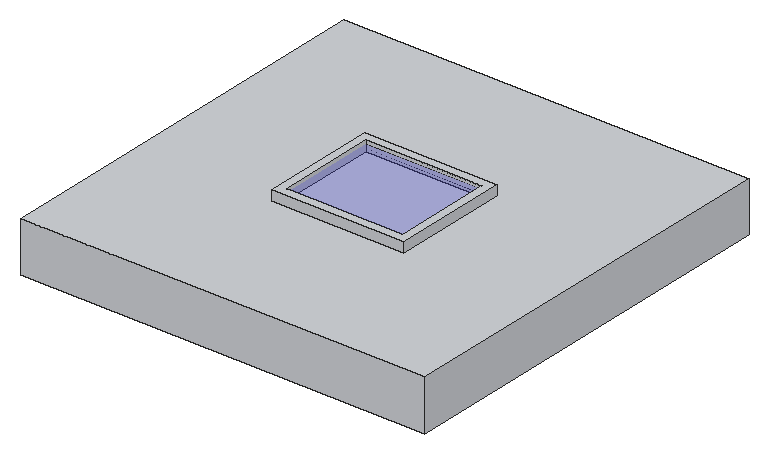
Revit family "АВЛН_Створка открывная", category Окна, Revit 2021
Family settings
  Основа = Грань
  При загрузке вырезать с полостями = Нет
  Общий = Нет
  Точка принадлежности помещению = Нет
Parameters (values of type "Створка повороно-откидная правая")
  Ширина рамы [instance] = 50 mm
  Width = 1600 mm
  Створка ширина [instance] = 800 mm
  Створка высота [instance] = 700 mm
  Определить тепловые свойства по = Тип схем
  Материал_Стеклопакет [instance] = Стекло
  Поворотная Правая = yes
  Поворотная Левая = no
  Default Elevation = 1219.2 mm
  Открываная = yes
  Откидная = yes
  Материал_Ручки [instance] = ПВХ белый
  Материал_Рама [instance] = none
  Левая = yes
  Глухое = no
  Height = 1800 mm
  Аналитическая конструкция = "<Нет>"
Types (6, lengths in mm): name | Поворотная Правая | Поворотная Левая | Открываная | Откидная | Глухое
  Створка повороно-откидная правая | yes | no | yes | yes | no
  Створка повороно-откидная левая | no | yes | yes | yes | no
  Створка глухая | no | no | no | no | yes
  Створка откидная | no | no | yes | yes | no
  Створка поворотная правая | yes | no | yes | no | no
  Створка поворотная левая | no | yes | yes | no | no
Reference planes
  plane 1 "По центру (Вперед/Назад)": y = 0
  plane 2 "Внутрення грань": z = 0
  plane 3 "По центру (Влево/Вправо)": x = 0
  plane 4: y = 350
  plane 5: x = 400
  plane 6: y = -350
  plane 7: x = -400
  plane 8 "Наружняя грань": z = 60.433
  plane 9 "По центру Л/Р": z = 30.216
Forms (mm)
  Extrusion 1, solid
    sketch origin (0, 0, 0) x (1, 0, 0) y (0, 1, 0)
      loop
        line (-1219.2, 1219.2) -> (-1219.2, -1219.2) -> (1219.2, -1219.2) -> (1219.2, 1219.2) -> (-1219.2, 1219.2)
    from 0 to -304.8
  Sweep 2, solid, material <- "Материал_Рама", visible <- "Открываная"
    path origin (0, 0, 0) x (1, 0, 0) y (0, 1, 0)
      loop
        line (400, 350) -> (-400, 350) -> (-400, -350) -> (400, -350) -> (400, 350)
    profile origin (0, 350, 0) x (0, -1, 0) y (0, 0, 1)
      loop
        line (0, 0) -> (50, 0) -> (50, 60.433) -> (0, 60.433) -> (0, 0)
  Extrusion 3, solid, material "Стекло" <- "Материал_Стеклопакет", visible <- "Открываная"
    sketch origin (0, 0, 0) x (1, 0, 0) y (0, 1, 0)
      loop
        line (-350, 300) -> (-350, -300) -> (350, -300) -> (350, 300) -> (-350, 300)
    from 17.481 to 42.952
  Extrusion 4, solid, material "Стекло" <- "Материал_Стеклопакет", visible <- "Глухое"
    sketch origin (0, 0, 0) x (1, 0, 0) y (0, 1, 0)
      loop
        line (-400, 350) -> (-400, -350) -> (400, -350) -> (400, 350) -> (-400, 350)
    from 17.481 to 42.952
Lines and regions (mm)
  model lines, style "Открывание_Наружу", visible <- "Глухое", detail levels medium+fine
    curve 1: line (0, 50, 60.433) -> (0, -50, 60.433)
    curve 2: line (50, 0, 60.433) -> (-50, 0, 60.433)
  model lines, style "WindowsGlassProjection", visible <- "Глухое", not visible, detail levels medium+fine
    curve 3: line (60, 38.001, 60.433) -> (60, -61.999, 60.433)
    curve 4: line (110, -11.999, 60.433) -> (10, -11.999, 60.433)
  model lines, style "Открывание_Внутрь", visible <- "Поворотная Левая", detail levels medium+fine
    curve 5: line (400, 350, 0) -> (-400, 0, 0)
    curve 6: line (400, -350, 0) -> (-400, 0, 0)
  model lines, style "Открывание_Внутрь", visible <- "Откидная", detail levels medium+fine
    curve 7: line (-400, -350, 0) -> (0, 350, 0)
    curve 8: line (0, 350, 0) -> (400, -350, 0)
  model lines, style "Открывание_Внутрь", visible <- "Поворотная Правая", detail levels medium+fine
    curve 9: line (-400, 350, 0) -> (400, 0, 0)
    curve 10: line (-400, -350, 0) -> (400, 0, 0)
  model lines, style "Открывание_Наружу", visible <- "Поворотная Правая", detail levels medium+fine
    curve 11: line (-400, 350, 60.433) -> (400, 0, 60.433)
    curve 12: line (-400, -350, 60.433) -> (400, 0, 60.433)
  model lines, style "Открывание_Наружу", visible <- "Поворотная Левая", detail levels medium+fine
    curve 13: line (400, 350, 60.433) -> (-400, 0, 60.433)
    curve 14: line (400, -350, 60.433) -> (-400, 0, 60.433)
  model lines, style "Открывание_Наружу", visible <- "Откидная", detail levels medium+fine
    curve 15: line (-400, -350, 60.433) -> (0, 350, 60.433)
    curve 16: line (0, 350, 60.433) -> (400, -350, 60.433)
  model lines, style "Открывание_Внутрь", visible <- "Глухое", detail levels medium+fine
    curve 17: line (0, 50, 0) -> (0, -50, 0)
    curve 18: line (50, 0, 0) -> (-50, 0, 0)
Dimensions and locks
  "Створка высота": plane 4 to plane 6
  "Створка ширина": plane 7 to plane 5
  equal spacing: plane 7, plane 3 "По центру (Влево/Вправо)", plane 5
  equal spacing: plane 6, plane 1 "По центру (Вперед/Назад)", plane 4
  plane 2 "Внутрення грань" to plane 8 "Наружняя грань" = 60.433 mm
  level to Extrusion 4 = 42.952 mm
  plane 8 "Наружняя грань" to level = 60.433 mm
  equal spacing: Extrusion 3, plane 9 "По центру Л/Р", Extrusion 3
  equal spacing: plane 8 "Наружняя грань", plane 9 "По центру Л/Р", level
  Extrusion 3 to Extrusion 3 = 25.471 mm
  "Ширина рамы": profile plane to Sweep 2 sketch curve
  equal spacing: Extrusion 4, plane 9 "По центру Л/Р", Extrusion 4, locked at 12.735 each
  locked: Extrusion 4 to Extrusion 4 at 25.471
  equal spacing: Sweep 2, nested 1, Sweep 2
  equal spacing: Sweep 2, nested 2, Sweep 2
  aligned and locked: plane 2 "Внутрення грань" to Extrusion 1
  aligned and locked: level to Extrusion 1
  aligned and locked: plane 4 to Sweep 2 sketch curve
  aligned and locked: plane 5 to Sweep 2 sketch curve
  aligned and locked: plane 6 to Sweep 2 sketch curve
  aligned and locked: Sweep 2 sketch curve to plane 7
  aligned and locked: Extrusion 3 sketch curve to Sweep 2  (x4)
  aligned and locked: Extrusion 4 sketch curve to Sweep 2  (x3)
  aligned and locked: Extrusion 4 sketch curve to plane 5
  aligned and locked: Sweep 2 sketch curve to plane 8 "Наружняя грань"
  aligned and locked: plane 6 to Extrusion 4
  aligned and locked: plane 4 to Extrusion 4
  aligned and locked: curve 2 to plane 1 "По центру (Вперед/Назад)"
  aligned and locked: curve 1 to plane 3 "По центру (Влево/Вправо)"
  aligned and locked: curve 18 to plane 1 "По центру (Вперед/Назад)"
  aligned and locked: curve 17 to plane 3 "По центру (Влево/Вправо)"
  aligned and locked: nested 2 to plane 1 "По центру (Вперед/Назад)"
  aligned and locked: nested 1 to plane 1 "По центру (Вперед/Назад)"
Automatic sketch dimensions
  Extrusion 1 sketch curve to Extrusion 1 sketch curve = 2438.4 mm  (x2)
  plane 1 "По центру (Вперед/Назад)" to curve 5 = 0 mm
  curve 5 to plane 7 = 0 mm
  curve 9 to plane 4 = 0 mm
  curve 9 to plane 7 = 0 mm
  plane 6 to curve 7 = 0 mm
  curve 7 to plane 7 = 0 mm
  curve 7 to plane 3 "По центру (Влево/Вправо)" = 0 mm
  curve 6 to plane 5 = 0 mm
  plane 1 "По центру (Вперед/Назад)" to curve 9 = 0 mm
  curve 9 to plane 5 = 0 mm
  curve 5 to plane 4 = 0 mm
  curve 5 to plane 5 = 0 mm
  plane 6 to curve 8 = 0 mm
  curve 8 to plane 4 = 0 mm
  curve 11 to plane 4 = 0 mm
  curve 11 to plane 7 = 0 mm
  plane 6 to curve 15 = 0 mm
  curve 15 to plane 7 = 0 mm
  plane 1 "По центру (Вперед/Назад)" to curve 14 = 0 mm
  curve 14 to plane 7 = 0 mm
  curve 15 to plane 3 "По центру (Влево/Вправо)" = 0 mm
  plane 1 "По центру (Вперед/Назад)" to curve 11 = 0 mm
  curve 11 to plane 5 = 0 mm
  curve 14 to plane 5 = 0 mm
  curve 13 to plane 4 = 0 mm
  curve 13 to plane 5 = 0 mm
  plane 6 to curve 14 = 0 mm
  curve 15 to plane 4 = 0 mm
  plane 1 "По центру (Вперед/Назад)" to curve 2 = 0 mm
  curve 1 to plane 3 "По центру (Влево/Вправо)" = 0 mm
  curve 2 to plane 3 "По центру (Влево/Вправо)" = 50 mm
  plane 3 "По центру (Влево/Вправо)" to curve 2 = 50 mm
  plane 1 "По центру (Вперед/Назад)" to curve 1 = 50 mm
  curve 1 to plane 1 "По центру (Вперед/Назад)" = 50 mm
  curve 18 to curve 17 = 50 mm
  curve 17 to curve 18 = 50 mm
  plane 1 "По центру (Вперед/Назад)" to curve 17 = 50 mm
  curve 17 to plane 1 "По центру (Вперед/Назад)" = 50 mm
  Sweep 2 sketch curve to level = 0 mm
  Sweep 2 sketch curve to profile plane = 0 mm
Nested families
  nested 1: "АВЛН_Ручка" at (375, 1040, 0) x (1, 0, 0) z (0, -1, 0), visible <- "Поворотная Правая", Материал дверной ручки <- "Материал_Рама", type "АВЛН_Ручка", detail levels fine
    with Материал дверной ручки none, Высота расположения дверной ручки 1040 mm
  nested 2: "АВЛН_Ручка" at (-375, 1040, 0) x (1, 0, 0) z (0, -1, 0), visible <- "Поворотная Левая", Материал дверной ручки <- "Материал_Рама", type "АВЛН_Ручка", detail levels fine
    with Материал дверной ручки none, Высота расположения дверной ручки 1040 mm
Definition of nested family "АВЛН_Ручка"
  Parameters (values of type "АВЛН_Ручка")
    Default Elevation = 1219.2 mm
    Материал дверной ручки [instance] = none
    Высота расположения дверной ручки [instance] = 1040 mm
    Analytic Construction = "<Нет>"
    b = 25 mm
    a = 75 mm
  Reference planes
    plane 1 "По центру (Вперед/Назад)": y = 0
    plane 2: z = 0
    plane 3 "По центру (Влево/Вправо)": x = 0
    plane 4: z = 1040
    plane 5: x = 12.5
    plane 6: x = -12.5
    plane 7: z = 1002.5
    plane 8: z = 1077.5
    plane 9: y = -15
  Forms (mm)
    Extrusion 1, solid, material <- "Материал дверной ручки"
      sketch origin (0, 0, 2080) x (-1, 0, 0) y (0, 0, -1)
        loop
          arc (-2.5, 1077.5) -> (-9.571, 1074.571) -> (-12.5, 1067.5) r 10
          line (-12.5, 1067.5) -> (-12.5, 1012.5)
          arc (-12.5, 1012.5) -> (-9.571, 1005.429) -> (-2.5, 1002.5) r 10
          line (-2.5, 1002.5) -> (2.5, 1002.5)
          arc (2.5, 1002.5) -> (9.571, 1005.429) -> (12.5, 1012.5) r 10
          line (12.5, 1012.5) -> (12.5, 1067.5)
          arc (12.5, 1067.5) -> (9.571, 1074.571) -> (2.5, 1077.5) r 10
          line (2.5, 1077.5) -> (-2.5, 1077.5)
      from 0 to 15
    Sweep 2, solid, material <- "Материал дверной ручки"
      path origin (-1040, 0, 1040) x (0, 0, -1) y (0, 1, 0)
        loop
          line (0, -15) -> (0, -38.261)
          arc (0, -38.261) -> (-2.929, -45.332) -> (-10, -48.261) r 10
          line (-10, -48.261) -> (-130, -48.261)
      profile origin (-1040, -26.63, 1040) x (0, 0, -1) y (1, 0, 0)
        loop
          circle (0, 1040) r 8
  Dimensions and locks
    "Высота расположения дверной ручки": plane 4 to level
    "a": plane 7 to plane 8
    "b": plane 6 to plane 5
    plane 6 to plane 5 = 25 mm
    locked: plane 1 "По центру (Вперед/Назад)" to plane 9 at 15
    plane 7 to plane 8 = 75 mm
    aligned and locked: level to plane 2
    aligned and locked: Extrusion 1 sketch curve to plane 7
    aligned and locked: plane 5 to Extrusion 1 sketch curve
    aligned and locked: plane 8 to Extrusion 1 sketch curve
    aligned and locked: Extrusion 1 sketch curve to plane 6
    aligned and locked: Extrusion 1 to plane 1 "По центру (Вперед/Назад)"
  Automatic sketch dimensions
    Sweep 2 sketch curve to plane 9 = 0 mm
    plane 4 to Sweep 2 sketch curve = 10 mm
    plane 9 to Sweep 2 sketch curve = 23.261 mm
    Sweep 2 sketch curve to Sweep 2 sketch curve = 120 mm
    Sweep 2 sketch curve to profile plane = 0 mm
    profile plane to Sweep 2 sketch curve = 1040 mm
    Sweep 2 sketch curve to plane 4 = 0 mm
    plane 3 "По центру (Влево/Вправо)" to Extrusion 1 sketch curve = 2.5 mm  (x2)
    Extrusion 1 sketch curve to plane 3 "По центру (Влево/Вправо)" = 2.5 mm  (x2)
    radius of Sweep 2 sketch curve = 8 mm
